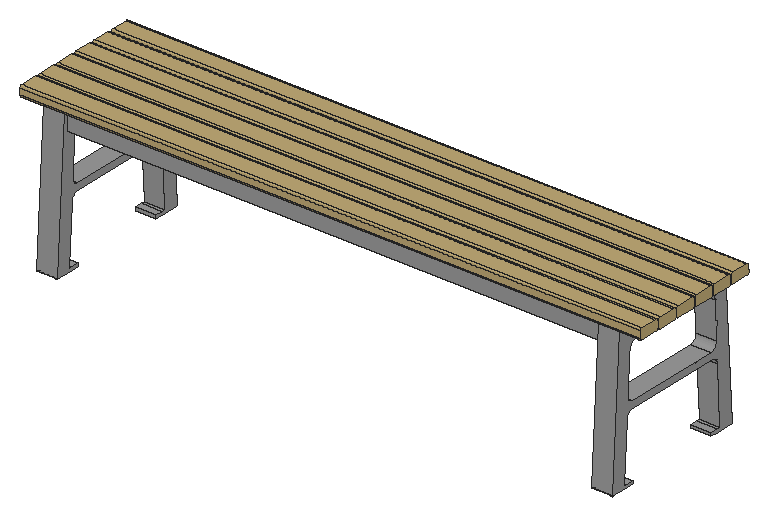
Revit family "L-FUR_벤치_YB-229_예건", category 일반 모델, Revit 2021
Family settings
  보강 철근 호스트 가능 = 아니오
  원형 커넥터 치수 = 지름 사용
  부품 유형 = 보통
  작업 기준면 기반 = 아니오
  항상 수직 = 예
  로드될 때 보이드를 사용하여 절단 = 아니오
  공유 = 아니오
  룸 계산 점 = 아니오
Parameters
  한국산업규격KS = ""
  조달청표준공사코드-세부공종 = "22426757"
  기본 입면도 = 0 mm
  건설정보분류체계-부위분류 = "E943"
  LIM_INFO_주의사항 = "재배포, 재가공, 판매 금지"
  LIM_INFO_제품업체 = "예건"
  LIM_INFO_제품번호 = "YF-16"
  LIM_INFO_제품명 = "펜스_YF-16"
  LIM_INFO_제작일 = "20230315"
  LIM_INFO_재료 = "Hardwood, STL-pipe, STL-plate"
  LIM_INFO_업체정보 = ""
  LIM_INFO_업체URL = "https://yekun.com/"
  LIM_INFO_업체TEL = "(+82)31-943-6114"
  LIM_INFO_업체EMAIL = "yekun@yekun.com"
  LIM_INFO_버전 = "2023_V01"
  LIM_INFO_기타정보 = ""
  LIM_INFO_규격 = "W2000 x H1800"
  LIM_INFO_가격 = 0
  LIM_INFO_PV_포장재여부 = yes
  LIM_INFO_PV_면적 = 0.00 m²
  KBIMS_식별-버전 = ""
  KBIMS_식별-bSK등록번호 = ""
  KBIMS_보급정보-저작자 = "림인포테크_MMJ"
  KBIMS_보급정보-보급코드 = ""
Reference planes
  plane 1 "중심(앞/뒤)": y = 0
  plane 2: z = 0
  plane 3 "중심(왼쪽/오른쪽)": x = 0
Dimensions and locks
  aligned and locked: level to plane 2
Nested families
  nested 1: "YB-229_base" at (0, 0, 0), type "YB-229_base"
Definition of nested family "YB-229_base"
  Parameters (values of type "YB-229_base")
    Default Elevation = 0 mm
  Reference planes
    plane 1 "중심(앞/뒤)": y = 0
    plane 2: z = 0
    plane 3 "중심(왼쪽/오른쪽)": x = 0
  Forms (mm)
    Sweep 1, solid, not visible, detail levels fine
      path origin (0, 0, 0) x (1, 0, 0) y (0, 1, 0)
        loop
          circle (-1867.879, -167.062) r 568.25
      profile origin (-1867.879, 401.188, 0) x (0, -1, 0) y (0, 0, 1)
        loop
          circle (0, 0) r 28.75
        loop
          circle (0, 0) r 30.25
    Sweep 2, solid, not visible, detail levels coarse+medium
      path origin (0, 0, 0) x (1, 0, 0) y (0, 1, 0)
        loop
          circle (-1867.879, -167.062) r 568.25
      profile origin (-1867.879, 401.188, 0) x (0, -1, 0) y (0, 0, 1)
        loop
          line (26.465, -11.234) -> (26.657, 10.77) -> (11.234, 26.465) -> (-10.77, 26.657) -> (-26.465, 11.234) -> (-26.657, -10.77) -> (-11.234, -26.465) -> (10.77, -26.657) -> (26.465, -11.234)
        loop
          line (28.047, 11.332) -> (11.82, 27.845) -> (-11.332, 28.047) -> (-27.845, 11.82) -> (-28.047, -11.332) -> (-11.82, -27.845) -> (11.332, -28.047) -> (27.845, -11.82) -> (28.047, 11.332)
    Sweep 3, solid, not visible, detail levels fine
      path origin (0, 0, -1310.25) x (1, 0, 0) y (0, 1, 0)
        loop
          circle (-1867.879, -167.062) r 568.25
      profile origin (-1867.879, 401.188, -1310.25) x (0, -1, 0) y (0, 0, 1)
        loop
          circle (0, 1310.25) r 28.75
        loop
          circle (0, 1310.25) r 30.25
    Sweep 4, solid, not visible, detail levels coarse+medium
      path origin (0, 0, -1310.25) x (1, 0, 0) y (0, 1, 0)
        loop
          circle (-1867.879, -167.062) r 568.25
      profile origin (-1867.879, 401.188, -1310.25) x (0, -1, 0) y (0, 0, 1)
        loop
          line (26.465, 1299.016) -> (26.657, 1321.02) -> (11.234, 1336.715) -> (-10.77, 1336.907) -> (-26.465, 1321.484) -> (-26.657, 1299.48) -> (-11.234, 1283.785) -> (10.77, 1283.593) -> (26.465, 1299.016)
        loop
          line (28.047, 1321.582) -> (11.82, 1338.095) -> (-11.332, 1338.297) -> (-27.845, 1322.07) -> (-28.047, 1298.918) -> (-11.82, 1282.405) -> (11.332, 1282.203) -> (27.845, 1298.43) -> (28.047, 1321.582)
    Extrusion 5, solid, not visible
      sketch origin (0, 0, 0) x (1, 0, 0) y (0, 1, 0)
        loop
          line (-1678.243, -2480.024) -> (-1613.986, -2453.408)
          arc (-1613.986, -2453.408) -> (-1612.495, -2452.007) -> (-1612.304, -2449.969) r 2.893
          line (-1612.304, -2449.969) -> (-1622.315, -2413.562) -> (-1700.528, -2445.959) -> (-1681.864, -2478.781)
          arc (-1681.864, -2478.781) -> (-1680.288, -2480.087) -> (-1678.243, -2480.024) r 2.893
        loop
          line (-1517.968, -2394.568) -> (-1465.081, -2349.398)
          arc (-1465.081, -2349.398) -> (-1464.096, -2347.605) -> (-1464.544, -2345.608) r 2.893
          line (-1464.544, -2345.608) -> (-1485.315, -2314.077) -> (-1549.689, -2369.057) -> (-1521.796, -2394.505)
          arc (-1521.796, -2394.505) -> (-1519.893, -2395.26) -> (-1517.968, -2394.568) r 2.893
        loop
          line (-1391.945, -2263.766) -> (-1355.605, -2204.465)
          arc (-1355.605, -2204.465) -> (-1355.222, -2202.454) -> (-1356.265, -2200.694) r 2.893
          line (-1356.265, -2200.694) -> (-1385.763, -2177.125) -> (-1429.997, -2249.307) -> (-1395.605, -2264.89)
          arc (-1395.605, -2264.89) -> (-1393.562, -2265.02) -> (-1391.945, -2263.766) r 2.893
        loop
          line (-1312.509, -2100.424) -> (-1296.273, -2032.795)
          arc (-1296.273, -2032.795) -> (-1296.53, -2030.765) -> (-1298.067, -2029.413) r 2.893
          line (-1298.067, -2029.413) -> (-1333.404, -2016.112) -> (-1353.167, -2098.431) -> (-1315.643, -2102.623)
          arc (-1315.643, -2102.623) -> (-1313.66, -2102.116) -> (-1312.509, -2100.424) r 2.893
        loop
          line (-1287.437, -1920.529) -> (-1292.894, -1851.193)
          arc (-1292.894, -1851.193) -> (-1293.766, -1849.341) -> (-1295.645, -1848.53) r 2.893
          line (-1295.645, -1848.53) -> (-1333.364, -1846.801) -> (-1326.722, -1931.197) -> (-1289.738, -1923.589)
          arc (-1289.738, -1923.589) -> (-1288.009, -1922.494) -> (-1287.437, -1920.529) r 2.893
        loop
          line (-1319.183, -1741.691) -> (-1345.799, -1677.435)
          arc (-1345.799, -1677.435) -> (-1347.201, -1675.943) -> (-1349.238, -1675.753) r 2.893
          line (-1349.238, -1675.753) -> (-1385.645, -1685.763) -> (-1353.248, -1763.977) -> (-1320.426, -1745.312)
          arc (-1320.426, -1745.312) -> (-1319.12, -1743.736) -> (-1319.183, -1741.691) r 2.893
        loop
          line (-1404.64, -1581.416) -> (-1449.809, -1528.529)
          arc (-1449.809, -1528.529) -> (-1451.603, -1527.544) -> (-1453.6, -1527.992) r 2.893
          line (-1453.6, -1527.992) -> (-1485.131, -1548.764) -> (-1430.15, -1613.138) -> (-1404.702, -1585.244)
          arc (-1404.702, -1585.244) -> (-1403.947, -1583.342) -> (-1404.64, -1581.416) r 2.893
        loop
          line (-1535.441, -1455.393) -> (-1594.742, -1419.053)
          arc (-1594.742, -1419.053) -> (-1596.753, -1418.67) -> (-1598.513, -1419.714) r 2.893
          line (-1598.513, -1419.714) -> (-1622.083, -1449.212) -> (-1549.9, -1493.445) -> (-1534.317, -1459.053)
          arc (-1534.317, -1459.053) -> (-1534.187, -1457.01) -> (-1535.441, -1455.393) r 2.893
        loop
          line (-1698.784, -1375.958) -> (-1766.412, -1359.721)
          arc (-1766.412, -1359.721) -> (-1768.443, -1359.978) -> (-1769.795, -1361.515) r 2.893
          line (-1769.795, -1361.515) -> (-1783.095, -1396.853) -> (-1700.777, -1416.616) -> (-1696.584, -1379.091)
          arc (-1696.584, -1379.091) -> (-1697.091, -1377.108) -> (-1698.784, -1375.958) r 2.893
        loop
          line (-1878.679, -1350.886) -> (-1948.015, -1356.343)
          arc (-1948.015, -1356.343) -> (-1949.866, -1357.215) -> (-1950.677, -1359.094) r 2.893
          line (-1950.677, -1359.094) -> (-1952.406, -1396.812) -> (-1868.01, -1390.17) -> (-1875.618, -1353.187)
          arc (-1875.618, -1353.187) -> (-1876.713, -1351.457) -> (-1878.679, -1350.886) r 2.893
        loop
          line (-2057.516, -1382.632) -> (-2121.773, -1409.247)
          arc (-2121.773, -1409.247) -> (-2123.264, -1410.649) -> (-2123.455, -1412.687) r 2.893
          line (-2123.455, -1412.687) -> (-2113.444, -1449.093) -> (-2035.231, -1416.696) -> (-2053.895, -1383.874)
          arc (-2053.895, -1383.874) -> (-2055.471, -1382.568) -> (-2057.516, -1382.632) r 2.893
        loop
          line (-2217.791, -1468.088) -> (-2270.678, -1513.257)
          arc (-2270.678, -1513.257) -> (-2271.663, -1515.051) -> (-2271.215, -1517.048) r 2.893
          line (-2271.215, -1517.048) -> (-2250.444, -1548.579) -> (-2186.07, -1493.598) -> (-2213.963, -1468.15)
          arc (-2213.963, -1468.15) -> (-2215.865, -1467.395) -> (-2217.791, -1468.088) r 2.893
        loop
          line (-2343.814, -1598.889) -> (-2380.154, -1658.191)
          arc (-2380.154, -1658.191) -> (-2380.537, -1660.201) -> (-2379.494, -1661.962) r 2.893
          line (-2379.494, -1661.962) -> (-2349.996, -1685.531) -> (-2305.762, -1613.349) -> (-2340.154, -1597.766)
          arc (-2340.154, -1597.766) -> (-2342.197, -1597.635) -> (-2343.814, -1598.889) r 2.893
        loop
          line (-2437.692, -1833.243) -> (-2402.355, -1846.543) -> (-2382.592, -1764.225) -> (-2420.116, -1760.032)
          arc (-2420.116, -1760.032) -> (-2422.099, -1760.539) -> (-2423.25, -1762.232) r 2.893
          line (-2423.25, -1762.232) -> (-2439.486, -1829.861)
          arc (-2439.486, -1829.861) -> (-2439.229, -1831.891) -> (-2437.692, -1833.243) r 2.893
        loop
          line (-2440.113, -2014.125) -> (-2402.395, -2015.855) -> (-2409.037, -1931.458) -> (-2446.021, -1939.067)
          arc (-2446.021, -1939.067) -> (-2447.75, -1940.162) -> (-2448.322, -1942.127) r 2.893
          line (-2448.322, -1942.127) -> (-2442.865, -2011.463)
          arc (-2442.865, -2011.463) -> (-2441.993, -2013.314) -> (-2440.113, -2014.125) r 2.893
        loop
          line (-2386.521, -2186.903) -> (-2350.114, -2176.892) -> (-2382.511, -2098.679) -> (-2415.333, -2117.343)
          arc (-2415.333, -2117.343) -> (-2416.639, -2118.919) -> (-2416.576, -2120.965) r 2.893
          line (-2416.576, -2120.965) -> (-2389.96, -2185.221)
          arc (-2389.96, -2185.221) -> (-2388.558, -2186.712) -> (-2386.521, -2186.903) r 2.893
        loop
          line (-2282.159, -2334.663) -> (-2250.628, -2313.892) -> (-2305.609, -2249.518) -> (-2331.057, -2277.412)
          arc (-2331.057, -2277.412) -> (-2331.812, -2279.314) -> (-2331.119, -2281.24) r 2.893
          line (-2331.119, -2281.24) -> (-2285.95, -2334.126)
          arc (-2285.95, -2334.126) -> (-2284.156, -2335.112) -> (-2282.159, -2334.663) r 2.893
        loop
          line (-2137.246, -2442.942) -> (-2113.676, -2413.444) -> (-2185.859, -2369.21) -> (-2201.441, -2403.603)
          arc (-2201.441, -2403.603) -> (-2201.572, -2405.645) -> (-2200.318, -2407.263) r 2.893
          line (-2200.318, -2407.263) -> (-2141.017, -2443.603)
          arc (-2141.017, -2443.603) -> (-2139.006, -2443.986) -> (-2137.246, -2442.942) r 2.893
        loop
          line (-1965.964, -2501.141) -> (-1952.664, -2465.803) -> (-2034.982, -2446.04) -> (-2039.175, -2483.564)
          arc (-2039.175, -2483.564) -> (-2038.668, -2485.547) -> (-2036.975, -2486.698) r 2.893
          line (-2036.975, -2486.698) -> (-1969.347, -2502.934)
          arc (-1969.347, -2502.934) -> (-1967.316, -2502.677) -> (-1965.964, -2501.141) r 2.893
        loop
          line (-1785.082, -2503.562) -> (-1783.353, -2465.844) -> (-1867.749, -2472.486) -> (-1860.141, -2509.469)
          arc (-1860.141, -2509.469) -> (-1859.046, -2511.198) -> (-1857.08, -2511.77) r 2.893
          line (-1857.08, -2511.77) -> (-1787.744, -2506.313)
          arc (-1787.744, -2506.313) -> (-1785.893, -2505.441) -> (-1785.082, -2503.562) r 2.893
      from 0 to 680
    Extrusion 6, solid, not visible
      sketch origin (-326.184, 269.167, 0) x (0.987613, 0.156911, 0) y (-0.156911, 0.987613, 0)
        loop
          line (-1678.243, -2480.024) -> (-1613.986, -2453.408)
          arc (-1613.986, -2453.408) -> (-1612.495, -2452.007) -> (-1612.304, -2449.969) r 2.893
          line (-1612.304, -2449.969) -> (-1622.315, -2413.562) -> (-1700.528, -2445.959) -> (-1681.864, -2478.781)
          arc (-1681.864, -2478.781) -> (-1680.288, -2480.087) -> (-1678.243, -2480.024) r 2.893
        loop
          line (-1517.968, -2394.568) -> (-1465.081, -2349.398)
          arc (-1465.081, -2349.398) -> (-1464.096, -2347.605) -> (-1464.544, -2345.608) r 2.893
          line (-1464.544, -2345.608) -> (-1485.315, -2314.077) -> (-1549.689, -2369.057) -> (-1521.796, -2394.505)
          arc (-1521.796, -2394.505) -> (-1519.893, -2395.26) -> (-1517.968, -2394.568) r 2.893
        loop
          line (-1391.945, -2263.766) -> (-1355.605, -2204.465)
          arc (-1355.605, -2204.465) -> (-1355.222, -2202.454) -> (-1356.265, -2200.694) r 2.893
          line (-1356.265, -2200.694) -> (-1385.763, -2177.125) -> (-1429.997, -2249.307) -> (-1395.605, -2264.89)
          arc (-1395.605, -2264.89) -> (-1393.562, -2265.02) -> (-1391.945, -2263.766) r 2.893
        loop
          line (-1312.509, -2100.424) -> (-1296.273, -2032.795)
          arc (-1296.273, -2032.795) -> (-1296.53, -2030.765) -> (-1298.067, -2029.413) r 2.893
          line (-1298.067, -2029.413) -> (-1333.404, -2016.112) -> (-1353.167, -2098.431) -> (-1315.643, -2102.623)
          arc (-1315.643, -2102.623) -> (-1313.66, -2102.116) -> (-1312.509, -2100.424) r 2.893
        loop
          line (-1287.437, -1920.529) -> (-1292.894, -1851.193)
          arc (-1292.894, -1851.193) -> (-1293.766, -1849.341) -> (-1295.645, -1848.53) r 2.893
          line (-1295.645, -1848.53) -> (-1333.364, -1846.801) -> (-1326.722, -1931.197) -> (-1289.738, -1923.589)
          arc (-1289.738, -1923.589) -> (-1288.009, -1922.494) -> (-1287.437, -1920.529) r 2.893
        loop
          line (-1319.183, -1741.691) -> (-1345.799, -1677.435)
          arc (-1345.799, -1677.435) -> (-1347.201, -1675.943) -> (-1349.238, -1675.753) r 2.893
          line (-1349.238, -1675.753) -> (-1385.645, -1685.763) -> (-1353.248, -1763.977) -> (-1320.426, -1745.312)
          arc (-1320.426, -1745.312) -> (-1319.12, -1743.736) -> (-1319.183, -1741.691) r 2.893
        loop
          line (-1404.64, -1581.416) -> (-1449.809, -1528.529)
          arc (-1449.809, -1528.529) -> (-1451.603, -1527.544) -> (-1453.6, -1527.992) r 2.893
          line (-1453.6, -1527.992) -> (-1485.131, -1548.764) -> (-1430.15, -1613.138) -> (-1404.702, -1585.244)
          arc (-1404.702, -1585.244) -> (-1403.947, -1583.342) -> (-1404.64, -1581.416) r 2.893
        loop
          line (-1535.441, -1455.393) -> (-1594.742, -1419.053)
          arc (-1594.742, -1419.053) -> (-1596.753, -1418.67) -> (-1598.513, -1419.714) r 2.893
          line (-1598.513, -1419.714) -> (-1622.083, -1449.212) -> (-1549.9, -1493.445) -> (-1534.317, -1459.053)
          arc (-1534.317, -1459.053) -> (-1534.187, -1457.01) -> (-1535.441, -1455.393) r 2.893
        loop
          line (-1698.784, -1375.958) -> (-1766.412, -1359.721)
          arc (-1766.412, -1359.721) -> (-1768.443, -1359.978) -> (-1769.795, -1361.515) r 2.893
          line (-1769.795, -1361.515) -> (-1783.095, -1396.853) -> (-1700.777, -1416.616) -> (-1696.584, -1379.091)
          arc (-1696.584, -1379.091) -> (-1697.091, -1377.108) -> (-1698.784, -1375.958) r 2.893
        loop
          line (-1878.679, -1350.886) -> (-1948.015, -1356.343)
          arc (-1948.015, -1356.343) -> (-1949.866, -1357.215) -> (-1950.677, -1359.094) r 2.893
          line (-1950.677, -1359.094) -> (-1952.406, -1396.812) -> (-1868.01, -1390.17) -> (-1875.618, -1353.187)
          arc (-1875.618, -1353.187) -> (-1876.713, -1351.457) -> (-1878.679, -1350.886) r 2.893
        loop
          line (-2057.516, -1382.632) -> (-2121.773, -1409.247)
          arc (-2121.773, -1409.247) -> (-2123.264, -1410.649) -> (-2123.455, -1412.687) r 2.893
          line (-2123.455, -1412.687) -> (-2113.444, -1449.093) -> (-2035.231, -1416.696) -> (-2053.895, -1383.874)
          arc (-2053.895, -1383.874) -> (-2055.471, -1382.568) -> (-2057.516, -1382.632) r 2.893
        loop
          line (-2217.791, -1468.088) -> (-2270.678, -1513.257)
          arc (-2270.678, -1513.257) -> (-2271.663, -1515.051) -> (-2271.215, -1517.048) r 2.893
          line (-2271.215, -1517.048) -> (-2250.444, -1548.579) -> (-2186.07, -1493.598) -> (-2213.963, -1468.15)
          arc (-2213.963, -1468.15) -> (-2215.865, -1467.395) -> (-2217.791, -1468.088) r 2.893
        loop
          line (-2343.814, -1598.889) -> (-2380.154, -1658.191)
          arc (-2380.154, -1658.191) -> (-2380.537, -1660.201) -> (-2379.494, -1661.962) r 2.893
          line (-2379.494, -1661.962) -> (-2349.996, -1685.531) -> (-2305.762, -1613.349) -> (-2340.154, -1597.766)
          arc (-2340.154, -1597.766) -> (-2342.197, -1597.635) -> (-2343.814, -1598.889) r 2.893
        loop
          line (-2437.692, -1833.243) -> (-2402.355, -1846.543) -> (-2382.592, -1764.225) -> (-2420.116, -1760.032)
          arc (-2420.116, -1760.032) -> (-2422.099, -1760.539) -> (-2423.25, -1762.232) r 2.893
          line (-2423.25, -1762.232) -> (-2439.486, -1829.861)
          arc (-2439.486, -1829.861) -> (-2439.229, -1831.891) -> (-2437.692, -1833.243) r 2.893
        loop
          line (-2440.113, -2014.125) -> (-2402.395, -2015.855) -> (-2409.037, -1931.458) -> (-2446.021, -1939.067)
          arc (-2446.021, -1939.067) -> (-2447.75, -1940.162) -> (-2448.322, -1942.127) r 2.893
          line (-2448.322, -1942.127) -> (-2442.865, -2011.463)
          arc (-2442.865, -2011.463) -> (-2441.993, -2013.314) -> (-2440.113, -2014.125) r 2.893
        loop
          line (-2386.521, -2186.903) -> (-2350.114, -2176.892) -> (-2382.511, -2098.679) -> (-2415.333, -2117.343)
          arc (-2415.333, -2117.343) -> (-2416.639, -2118.919) -> (-2416.576, -2120.965) r 2.893
          line (-2416.576, -2120.965) -> (-2389.96, -2185.221)
          arc (-2389.96, -2185.221) -> (-2388.558, -2186.712) -> (-2386.521, -2186.903) r 2.893
        loop
          line (-2282.159, -2334.663) -> (-2250.628, -2313.892) -> (-2305.609, -2249.518) -> (-2331.057, -2277.412)
          arc (-2331.057, -2277.412) -> (-2331.812, -2279.314) -> (-2331.119, -2281.24) r 2.893
          line (-2331.119, -2281.24) -> (-2285.95, -2334.126)
          arc (-2285.95, -2334.126) -> (-2284.156, -2335.112) -> (-2282.159, -2334.663) r 2.893
        loop
          line (-2137.246, -2442.942) -> (-2113.676, -2413.444) -> (-2185.859, -2369.21) -> (-2201.441, -2403.603)
          arc (-2201.441, -2403.603) -> (-2201.572, -2405.645) -> (-2200.318, -2407.263) r 2.893
          line (-2200.318, -2407.263) -> (-2141.017, -2443.603)
          arc (-2141.017, -2443.603) -> (-2139.006, -2443.986) -> (-2137.246, -2442.942) r 2.893
        loop
          line (-1965.964, -2501.141) -> (-1952.664, -2465.803) -> (-2034.982, -2446.04) -> (-2039.175, -2483.564)
          arc (-2039.175, -2483.564) -> (-2038.668, -2485.547) -> (-2036.975, -2486.698) r 2.893
          line (-2036.975, -2486.698) -> (-1969.347, -2502.934)
          arc (-1969.347, -2502.934) -> (-1967.316, -2502.677) -> (-1965.964, -2501.141) r 2.893
        loop
          line (-1785.082, -2503.562) -> (-1783.353, -2465.844) -> (-1867.749, -2472.486) -> (-1860.141, -2509.469)
          arc (-1860.141, -2509.469) -> (-1859.046, -2511.198) -> (-1857.08, -2511.77) r 2.893
          line (-1857.08, -2511.77) -> (-1787.744, -2506.313)
          arc (-1787.744, -2506.313) -> (-1785.893, -2505.441) -> (-1785.082, -2503.562) r 2.893
      from 0 to 680
    Extrusion 7, solid, not visible
      sketch origin (0, 0, 0) x (1, 0, 0) y (0, 1, 0)
        loop
          circle (-1867.879, -1931.328) r 537.5
        loop
          circle (-1867.879, -1931.328) r 539.5
      from 0 to 794.31
    Sweep 8, solid, not visible, detail levels fine
      path origin (0, -1764.266, -542.405) x (1, 0, 0) y (0, 1, 0)
        loop
          circle (-1867.879, -167.062) r 568.25
      profile origin (-1867.879, -1363.078, -542.405) x (0, -1, 0) y (0, 0, 1)
        loop
          circle (0, 1310.25) r 28.75
        loop
          circle (0, 1310.25) r 30.25
    Sweep 9, solid, not visible, detail levels coarse+medium
      path origin (0, -1764.266, -542.405) x (1, 0, 0) y (0, 1, 0)
        loop
          circle (-1867.879, -167.062) r 568.25
      profile origin (-1867.879, -1363.078, -542.405) x (0, -1, 0) y (0, 0, 1)
        loop
          line (26.465, 1299.016) -> (26.657, 1321.02) -> (11.234, 1336.715) -> (-10.77, 1336.907) -> (-26.465, 1321.484) -> (-26.657, 1299.48) -> (-11.234, 1283.785) -> (10.77, 1283.593) -> (26.465, 1299.016)
        loop
          line (28.047, 1321.582) -> (11.82, 1338.095) -> (-11.332, 1338.297) -> (-27.845, 1322.07) -> (-28.047, 1298.918) -> (-11.82, 1282.405) -> (11.332, 1282.203) -> (27.845, 1298.43) -> (28.047, 1321.582)
    Sweep 10, solid, not visible, detail levels fine
      path origin (0, -1764.266, -1278.297) x (1, 0, 0) y (0, 1, 0)
        loop
          circle (-1867.879, -167.062) r 568.25
      profile origin (-1867.879, -1363.078, -1278.297) x (0, -1, 0) y (0, 0, 1)
        loop
          circle (0, 1310.25) r 28.75
        loop
          circle (0, 1310.25) r 30.25
    Sweep 11, solid, not visible, detail levels coarse+medium
      path origin (0, -1764.266, -1278.297) x (1, 0, 0) y (0, 1, 0)
        loop
          circle (-1867.879, -167.062) r 568.25
      profile origin (-1867.879, -1363.078, -1278.297) x (0, -1, 0) y (0, 0, 1)
        loop
          line (26.465, 1299.016) -> (26.657, 1321.02) -> (11.234, 1336.715) -> (-10.77, 1336.907) -> (-26.465, 1321.484) -> (-26.657, 1299.48) -> (-11.234, 1283.785) -> (10.77, 1283.593) -> (26.465, 1299.016)
        loop
          line (28.047, 1321.582) -> (11.82, 1338.095) -> (-11.332, 1338.297) -> (-27.845, 1322.07) -> (-28.047, 1298.918) -> (-11.82, 1282.405) -> (11.332, 1282.203) -> (27.845, 1298.43) -> (28.047, 1321.582)
    Extrusion 12, solid, not visible
      sketch origin (0, 0, 60) x (1, 0, 0) y (0, 1, 0)
        loop
          line (-1678.243, -2480.024) -> (-1613.986, -2453.408)
          arc (-1613.986, -2453.408) -> (-1612.495, -2452.007) -> (-1612.304, -2449.969) r 2.893
          line (-1612.304, -2449.969) -> (-1622.315, -2413.562) -> (-1700.528, -2445.959) -> (-1681.864, -2478.781)
          arc (-1681.864, -2478.781) -> (-1680.288, -2480.087) -> (-1678.243, -2480.024) r 2.893
        loop
          line (-1517.968, -2394.568) -> (-1465.081, -2349.398)
          arc (-1465.081, -2349.398) -> (-1464.096, -2347.605) -> (-1464.544, -2345.608) r 2.893
          line (-1464.544, -2345.608) -> (-1485.315, -2314.077) -> (-1549.689, -2369.057) -> (-1521.796, -2394.505)
          arc (-1521.796, -2394.505) -> (-1519.893, -2395.26) -> (-1517.968, -2394.568) r 2.893
        loop
          line (-1391.945, -2263.766) -> (-1355.605, -2204.465)
          arc (-1355.605, -2204.465) -> (-1355.222, -2202.454) -> (-1356.265, -2200.694) r 2.893
          line (-1356.265, -2200.694) -> (-1385.763, -2177.125) -> (-1429.997, -2249.307) -> (-1395.605, -2264.89)
          arc (-1395.605, -2264.89) -> (-1393.562, -2265.02) -> (-1391.945, -2263.766) r 2.893
        loop
          line (-1312.509, -2100.424) -> (-1296.273, -2032.795)
          arc (-1296.273, -2032.795) -> (-1296.53, -2030.765) -> (-1298.067, -2029.413) r 2.893
          line (-1298.067, -2029.413) -> (-1333.404, -2016.112) -> (-1353.167, -2098.431) -> (-1315.643, -2102.623)
          arc (-1315.643, -2102.623) -> (-1313.66, -2102.116) -> (-1312.509, -2100.424) r 2.893
        loop
          line (-1287.437, -1920.529) -> (-1292.894, -1851.193)
          arc (-1292.894, -1851.193) -> (-1293.766, -1849.341) -> (-1295.645, -1848.53) r 2.893
          line (-1295.645, -1848.53) -> (-1333.364, -1846.801) -> (-1326.722, -1931.197) -> (-1289.738, -1923.589)
          arc (-1289.738, -1923.589) -> (-1288.009, -1922.494) -> (-1287.437, -1920.529) r 2.893
        loop
          line (-1319.183, -1741.691) -> (-1345.799, -1677.435)
          arc (-1345.799, -1677.435) -> (-1347.201, -1675.943) -> (-1349.238, -1675.753) r 2.893
          line (-1349.238, -1675.753) -> (-1385.645, -1685.763) -> (-1353.248, -1763.977) -> (-1320.426, -1745.312)
          arc (-1320.426, -1745.312) -> (-1319.12, -1743.736) -> (-1319.183, -1741.691) r 2.893
        loop
          line (-1404.64, -1581.416) -> (-1449.809, -1528.529)
          arc (-1449.809, -1528.529) -> (-1451.603, -1527.544) -> (-1453.6, -1527.992) r 2.893
          line (-1453.6, -1527.992) -> (-1485.131, -1548.764) -> (-1430.15, -1613.138) -> (-1404.702, -1585.244)
          arc (-1404.702, -1585.244) -> (-1403.947, -1583.342) -> (-1404.64, -1581.416) r 2.893
        loop
          line (-1535.441, -1455.393) -> (-1594.742, -1419.053)
          arc (-1594.742, -1419.053) -> (-1596.753, -1418.67) -> (-1598.513, -1419.714) r 2.893
          line (-1598.513, -1419.714) -> (-1622.083, -1449.212) -> (-1549.9, -1493.445) -> (-1534.317, -1459.053)
          arc (-1534.317, -1459.053) -> (-1534.187, -1457.01) -> (-1535.441, -1455.393) r 2.893
        loop
          line (-1698.784, -1375.958) -> (-1766.412, -1359.721)
          arc (-1766.412, -1359.721) -> (-1768.443, -1359.978) -> (-1769.795, -1361.515) r 2.893
          line (-1769.795, -1361.515) -> (-1783.095, -1396.853) -> (-1700.777, -1416.616) -> (-1696.584, -1379.091)
          arc (-1696.584, -1379.091) -> (-1697.091, -1377.108) -> (-1698.784, -1375.958) r 2.893
        loop
          line (-1878.679, -1350.886) -> (-1948.015, -1356.343)
          arc (-1948.015, -1356.343) -> (-1949.866, -1357.215) -> (-1950.677, -1359.094) r 2.893
          line (-1950.677, -1359.094) -> (-1952.406, -1396.812) -> (-1868.01, -1390.17) -> (-1875.618, -1353.187)
          arc (-1875.618, -1353.187) -> (-1876.713, -1351.457) -> (-1878.679, -1350.886) r 2.893
        loop
          line (-2057.516, -1382.632) -> (-2121.773, -1409.247)
          arc (-2121.773, -1409.247) -> (-2123.264, -1410.649) -> (-2123.455, -1412.687) r 2.893
          line (-2123.455, -1412.687) -> (-2113.444, -1449.093) -> (-2035.231, -1416.696) -> (-2053.895, -1383.874)
          arc (-2053.895, -1383.874) -> (-2055.471, -1382.568) -> (-2057.516, -1382.632) r 2.893
        loop
          line (-2217.791, -1468.088) -> (-2270.678, -1513.257)
          arc (-2270.678, -1513.257) -> (-2271.663, -1515.051) -> (-2271.215, -1517.048) r 2.893
          line (-2271.215, -1517.048) -> (-2250.444, -1548.579) -> (-2186.07, -1493.598) -> (-2213.963, -1468.15)
          arc (-2213.963, -1468.15) -> (-2215.865, -1467.395) -> (-2217.791, -1468.088) r 2.893
        loop
          line (-2343.814, -1598.889) -> (-2380.154, -1658.191)
          arc (-2380.154, -1658.191) -> (-2380.537, -1660.201) -> (-2379.494, -1661.962) r 2.893
          line (-2379.494, -1661.962) -> (-2349.996, -1685.531) -> (-2305.762, -1613.349) -> (-2340.154, -1597.766)
          arc (-2340.154, -1597.766) -> (-2342.197, -1597.635) -> (-2343.814, -1598.889) r 2.893
        loop
          line (-2437.692, -1833.243) -> (-2402.355, -1846.543) -> (-2382.592, -1764.225) -> (-2420.116, -1760.032)
          arc (-2420.116, -1760.032) -> (-2422.099, -1760.539) -> (-2423.25, -1762.232) r 2.893
          line (-2423.25, -1762.232) -> (-2439.486, -1829.861)
          arc (-2439.486, -1829.861) -> (-2439.229, -1831.891) -> (-2437.692, -1833.243) r 2.893
        loop
          line (-2440.113, -2014.125) -> (-2402.395, -2015.855) -> (-2409.037, -1931.458) -> (-2446.021, -1939.067)
          arc (-2446.021, -1939.067) -> (-2447.75, -1940.162) -> (-2448.322, -1942.127) r 2.893
          line (-2448.322, -1942.127) -> (-2442.865, -2011.463)
          arc (-2442.865, -2011.463) -> (-2441.993, -2013.314) -> (-2440.113, -2014.125) r 2.893
        loop
          line (-2386.521, -2186.903) -> (-2350.114, -2176.892) -> (-2382.511, -2098.679) -> (-2415.333, -2117.343)
          arc (-2415.333, -2117.343) -> (-2416.639, -2118.919) -> (-2416.576, -2120.965) r 2.893
          line (-2416.576, -2120.965) -> (-2389.96, -2185.221)
          arc (-2389.96, -2185.221) -> (-2388.558, -2186.712) -> (-2386.521, -2186.903) r 2.893
        loop
          line (-2282.159, -2334.663) -> (-2250.628, -2313.892) -> (-2305.609, -2249.518) -> (-2331.057, -2277.412)
          arc (-2331.057, -2277.412) -> (-2331.812, -2279.314) -> (-2331.119, -2281.24) r 2.893
          line (-2331.119, -2281.24) -> (-2285.95, -2334.126)
          arc (-2285.95, -2334.126) -> (-2284.156, -2335.112) -> (-2282.159, -2334.663) r 2.893
        loop
          line (-2137.246, -2442.942) -> (-2113.676, -2413.444) -> (-2185.859, -2369.21) -> (-2201.441, -2403.603)
          arc (-2201.441, -2403.603) -> (-2201.572, -2405.645) -> (-2200.318, -2407.263) r 2.893
          line (-2200.318, -2407.263) -> (-2141.017, -2443.603)
          arc (-2141.017, -2443.603) -> (-2139.006, -2443.986) -> (-2137.246, -2442.942) r 2.893
        loop
          line (-1965.964, -2501.141) -> (-1952.664, -2465.803) -> (-2034.982, -2446.04) -> (-2039.175, -2483.564)
          arc (-2039.175, -2483.564) -> (-2038.668, -2485.547) -> (-2036.975, -2486.698) r 2.893
          line (-2036.975, -2486.698) -> (-1969.347, -2502.934)
          arc (-1969.347, -2502.934) -> (-1967.316, -2502.677) -> (-1965.964, -2501.141) r 2.893
        loop
          line (-1785.082, -2503.562) -> (-1783.353, -2465.844) -> (-1867.749, -2472.486) -> (-1860.141, -2509.469)
          arc (-1860.141, -2509.469) -> (-1859.046, -2511.198) -> (-1857.08, -2511.77) r 2.893
          line (-1857.08, -2511.77) -> (-1787.744, -2506.313)
          arc (-1787.744, -2506.313) -> (-1785.893, -2505.441) -> (-1785.082, -2503.562) r 2.893
      from 0 to 680
    Extrusion 13, solid, not visible
      sketch origin (-326.184, 269.167, 60) x (0.987613, 0.156911, 0) y (-0.156911, 0.987613, 0)
        loop
          line (-1678.243, -2480.024) -> (-1613.986, -2453.408)
          arc (-1613.986, -2453.408) -> (-1612.495, -2452.007) -> (-1612.304, -2449.969) r 2.893
          line (-1612.304, -2449.969) -> (-1622.315, -2413.562) -> (-1700.528, -2445.959) -> (-1681.864, -2478.781)
          arc (-1681.864, -2478.781) -> (-1680.288, -2480.087) -> (-1678.243, -2480.024) r 2.893
        loop
          line (-1517.968, -2394.568) -> (-1465.081, -2349.398)
          arc (-1465.081, -2349.398) -> (-1464.096, -2347.605) -> (-1464.544, -2345.608) r 2.893
          line (-1464.544, -2345.608) -> (-1485.315, -2314.077) -> (-1549.689, -2369.057) -> (-1521.796, -2394.505)
          arc (-1521.796, -2394.505) -> (-1519.893, -2395.26) -> (-1517.968, -2394.568) r 2.893
        loop
          line (-1391.945, -2263.766) -> (-1355.605, -2204.465)
          arc (-1355.605, -2204.465) -> (-1355.222, -2202.454) -> (-1356.265, -2200.694) r 2.893
          line (-1356.265, -2200.694) -> (-1385.763, -2177.125) -> (-1429.997, -2249.307) -> (-1395.605, -2264.89)
          arc (-1395.605, -2264.89) -> (-1393.562, -2265.02) -> (-1391.945, -2263.766) r 2.893
        loop
          line (-1312.509, -2100.424) -> (-1296.273, -2032.795)
          arc (-1296.273, -2032.795) -> (-1296.53, -2030.765) -> (-1298.067, -2029.413) r 2.893
          line (-1298.067, -2029.413) -> (-1333.404, -2016.112) -> (-1353.167, -2098.431) -> (-1315.643, -2102.623)
          arc (-1315.643, -2102.623) -> (-1313.66, -2102.116) -> (-1312.509, -2100.424) r 2.893
        loop
          line (-1287.437, -1920.529) -> (-1292.894, -1851.193)
          arc (-1292.894, -1851.193) -> (-1293.766, -1849.341) -> (-1295.645, -1848.53) r 2.893
          line (-1295.645, -1848.53) -> (-1333.364, -1846.801) -> (-1326.722, -1931.197) -> (-1289.738, -1923.589)
          arc (-1289.738, -1923.589) -> (-1288.009, -1922.494) -> (-1287.437, -1920.529) r 2.893
        loop
          line (-1319.183, -1741.691) -> (-1345.799, -1677.435)
          arc (-1345.799, -1677.435) -> (-1347.201, -1675.943) -> (-1349.238, -1675.753) r 2.893
          line (-1349.238, -1675.753) -> (-1385.645, -1685.763) -> (-1353.248, -1763.977) -> (-1320.426, -1745.312)
          arc (-1320.426, -1745.312) -> (-1319.12, -1743.736) -> (-1319.183, -1741.691) r 2.893
        loop
          line (-1404.64, -1581.416) -> (-1449.809, -1528.529)
          arc (-1449.809, -1528.529) -> (-1451.603, -1527.544) -> (-1453.6, -1527.992) r 2.893
          line (-1453.6, -1527.992) -> (-1485.131, -1548.764) -> (-1430.15, -1613.138) -> (-1404.702, -1585.244)
          arc (-1404.702, -1585.244) -> (-1403.947, -1583.342) -> (-1404.64, -1581.416) r 2.893
        loop
          line (-1535.441, -1455.393) -> (-1594.742, -1419.053)
          arc (-1594.742, -1419.053) -> (-1596.753, -1418.67) -> (-1598.513, -1419.714) r 2.893
          line (-1598.513, -1419.714) -> (-1622.083, -1449.212) -> (-1549.9, -1493.445) -> (-1534.317, -1459.053)
          arc (-1534.317, -1459.053) -> (-1534.187, -1457.01) -> (-1535.441, -1455.393) r 2.893
        loop
          line (-1698.784, -1375.958) -> (-1766.412, -1359.721)
          arc (-1766.412, -1359.721) -> (-1768.443, -1359.978) -> (-1769.795, -1361.515) r 2.893
          line (-1769.795, -1361.515) -> (-1783.095, -1396.853) -> (-1700.777, -1416.616) -> (-1696.584, -1379.091)
          arc (-1696.584, -1379.091) -> (-1697.091, -1377.108) -> (-1698.784, -1375.958) r 2.893
        loop
          line (-1878.679, -1350.886) -> (-1948.015, -1356.343)
          arc (-1948.015, -1356.343) -> (-1949.866, -1357.215) -> (-1950.677, -1359.094) r 2.893
          line (-1950.677, -1359.094) -> (-1952.406, -1396.812) -> (-1868.01, -1390.17) -> (-1875.618, -1353.187)
          arc (-1875.618, -1353.187) -> (-1876.713, -1351.457) -> (-1878.679, -1350.886) r 2.893
        loop
          line (-2057.516, -1382.632) -> (-2121.773, -1409.247)
          arc (-2121.773, -1409.247) -> (-2123.264, -1410.649) -> (-2123.455, -1412.687) r 2.893
          line (-2123.455, -1412.687) -> (-2113.444, -1449.093) -> (-2035.231, -1416.696) -> (-2053.895, -1383.874)
          arc (-2053.895, -1383.874) -> (-2055.471, -1382.568) -> (-2057.516, -1382.632) r 2.893
        loop
          line (-2217.791, -1468.088) -> (-2270.678, -1513.257)
          arc (-2270.678, -1513.257) -> (-2271.663, -1515.051) -> (-2271.215, -1517.048) r 2.893
          line (-2271.215, -1517.048) -> (-2250.444, -1548.579) -> (-2186.07, -1493.598) -> (-2213.963, -1468.15)
          arc (-2213.963, -1468.15) -> (-2215.865, -1467.395) -> (-2217.791, -1468.088) r 2.893
        loop
          line (-2343.814, -1598.889) -> (-2380.154, -1658.191)
          arc (-2380.154, -1658.191) -> (-2380.537, -1660.201) -> (-2379.494, -1661.962) r 2.893
          line (-2379.494, -1661.962) -> (-2349.996, -1685.531) -> (-2305.762, -1613.349) -> (-2340.154, -1597.766)
          arc (-2340.154, -1597.766) -> (-2342.197, -1597.635) -> (-2343.814, -1598.889) r 2.893
        loop
          line (-2437.692, -1833.243) -> (-2402.355, -1846.543) -> (-2382.592, -1764.225) -> (-2420.116, -1760.032)
          arc (-2420.116, -1760.032) -> (-2422.099, -1760.539) -> (-2423.25, -1762.232) r 2.893
          line (-2423.25, -1762.232) -> (-2439.486, -1829.861)
          arc (-2439.486, -1829.861) -> (-2439.229, -1831.891) -> (-2437.692, -1833.243) r 2.893
        loop
          line (-2440.113, -2014.125) -> (-2402.395, -2015.855) -> (-2409.037, -1931.458) -> (-2446.021, -1939.067)
          arc (-2446.021, -1939.067) -> (-2447.75, -1940.162) -> (-2448.322, -1942.127) r 2.893
          line (-2448.322, -1942.127) -> (-2442.865, -2011.463)
          arc (-2442.865, -2011.463) -> (-2441.993, -2013.314) -> (-2440.113, -2014.125) r 2.893
        loop
          line (-2386.521, -2186.903) -> (-2350.114, -2176.892) -> (-2382.511, -2098.679) -> (-2415.333, -2117.343)
          arc (-2415.333, -2117.343) -> (-2416.639, -2118.919) -> (-2416.576, -2120.965) r 2.893
          line (-2416.576, -2120.965) -> (-2389.96, -2185.221)
          arc (-2389.96, -2185.221) -> (-2388.558, -2186.712) -> (-2386.521, -2186.903) r 2.893
        loop
          line (-2282.159, -2334.663) -> (-2250.628, -2313.892) -> (-2305.609, -2249.518) -> (-2331.057, -2277.412)
          arc (-2331.057, -2277.412) -> (-2331.812, -2279.314) -> (-2331.119, -2281.24) r 2.893
          line (-2331.119, -2281.24) -> (-2285.95, -2334.126)
          arc (-2285.95, -2334.126) -> (-2284.156, -2335.112) -> (-2282.159, -2334.663) r 2.893
        loop
          line (-2137.246, -2442.942) -> (-2113.676, -2413.444) -> (-2185.859, -2369.21) -> (-2201.441, -2403.603)
          arc (-2201.441, -2403.603) -> (-2201.572, -2405.645) -> (-2200.318, -2407.263) r 2.893
          line (-2200.318, -2407.263) -> (-2141.017, -2443.603)
          arc (-2141.017, -2443.603) -> (-2139.006, -2443.986) -> (-2137.246, -2442.942) r 2.893
        loop
          line (-1965.964, -2501.141) -> (-1952.664, -2465.803) -> (-2034.982, -2446.04) -> (-2039.175, -2483.564)
          arc (-2039.175, -2483.564) -> (-2038.668, -2485.547) -> (-2036.975, -2486.698) r 2.893
          line (-2036.975, -2486.698) -> (-1969.347, -2502.934)
          arc (-1969.347, -2502.934) -> (-1967.316, -2502.677) -> (-1965.964, -2501.141) r 2.893
        loop
          line (-1785.082, -2503.562) -> (-1783.353, -2465.844) -> (-1867.749, -2472.486) -> (-1860.141, -2509.469)
          arc (-1860.141, -2509.469) -> (-1859.046, -2511.198) -> (-1857.08, -2511.77) r 2.893
          line (-1857.08, -2511.77) -> (-1787.744, -2506.313)
          arc (-1787.744, -2506.313) -> (-1785.893, -2505.441) -> (-1785.082, -2503.562) r 2.893
      from 0 to 680
    Extrusion 14, solid, not visible
      sketch origin (0, -1764.266, 4.107) x (1, 0, 0) y (0, 1, 0)
        loop
          arc (-2404.542, -137.062) -> (-2405.379, -167.062) -> (-2404.542, -197.062) r 537.5
          line (-2404.542, -197.062) -> (-1331.217, -197.062)
          arc (-1331.217, -197.062) -> (-1330.379, -167.062) -> (-1331.217, -137.062) r 537.5
          line (-1331.217, -137.062) -> (-2404.542, -137.062)
      from 0 to 40
    Extrusion 15, solid, not visible
      sketch origin (-2034.942, -63.448, 4.107) x (0, 1, 0) y (-1, 0, 0)
        loop
          arc (-2404.542, -137.062) -> (-2405.379, -167.062) -> (-2404.542, -197.062) r 537.5
          line (-2404.542, -197.062) -> (-1331.217, -197.062)
          arc (-1331.217, -197.062) -> (-1330.379, -167.062) -> (-1331.217, -137.062) r 537.5
          line (-1331.217, -137.062) -> (-2404.542, -137.062)
      from 0 to 40
    Extrusion 16, solid, not visible
      sketch origin (0, -1764.266, 44.107) x (1, 0, 0) y (0, 1, 0)
        loop
          circle (-1867.879, -167.062) r 537.5
        loop
          circle (-2080.012, -379.194) r 10
        loop
          circle (-1655.747, -379.194) r 10
        loop
          circle (-1655.747, 45.07) r 10
        loop
          circle (-2080.012, 45.07) r 10
      from 0 to 1.2
    Extrusion 17, solid, not visible
      sketch origin (0, 142.026, 0) x (1, 0, 0) y (0, 0, 1)
        loop
          line (250.196, 700) -> (250.196, 50) -> (310.196, 50) -> (310.196, 700) -> (250.196, 700)
      from 0 to 20
    Revolve 18, solid, not visible, detail levels coarse+medium
      sketch origin (0, 0, 0) x (1, 0, 0) y (0, 0, 1)
        loop
          line (2550.799, 933.793) -> (2552.49, 933.793) -> (2552.49, 934.794) -> (2550.649, 934.794)
          arc (2550.649, 934.794) -> (2545.113, 933.3) -> (2541.082, 929.223) r 11
          line (2541.082, 929.223) -> (2530.908, 911.294) -> (2530.34, 910.294) -> (2531.49, 910.294) -> (2541.952, 928.73)
          arc (2541.952, 928.73) -> (2545.617, 932.436) -> (2550.649, 933.794) r 10
        axis (2567.64, 934.794) -> (2567.64, 910.294)
      angle from 0 to 360
    Revolve 19, solid, not visible, detail levels coarse+medium
      sketch origin (0, 0, 0) x (1, 0, 0) y (0, 0, 1)
        loop
          line (2552.79, 910.294) -> (2552.79, 933.794) -> (2550.949, 933.794)
          arc (2550.949, 933.794) -> (2545.917, 932.436) -> (2542.252, 928.73) r 10
          line (2542.252, 928.73) -> (2531.79, 910.294) -> (2533.63, 910.294) -> (2543.643, 927.94)
          arc (2543.643, 927.94) -> (2546.722, 931.053) -> (2550.949, 932.194) r 8.4
          line (2550.949, 932.194) -> (2550.949, 910.294) -> (2552.79, 910.294)
        axis (2567.64, 933.794) -> (2567.64, 910.294)
      angle from 0 to 360
    Sweep 20, solid, not visible, detail levels coarse+medium
      path origin (12.126, 0, 0) x (0, 1, 0) y (0, 0, 1)
        loop
          line (2755.111, 246.603) -> (2647.361, 246.603)
          arc (2647.361, 246.603) -> (2576.297, 276.039) -> (2546.861, 347.103) r 100.5
          line (2546.861, 347.103) -> (2546.861, 572.103)
          arc (2546.861, 572.103) -> (2576.297, 643.167) -> (2647.361, 672.603) r 100.5
          line (2647.361, 672.603) -> (2755.111, 672.603)
      profile origin (12.126, 2701.236, 246.603) x (0, 0, -1) y (1, 0, 0)
        loop
          line (2.459, -9.176) -> (8.227, -4.75) -> (9.176, 2.459) -> (4.75, 8.227) -> (-2.459, 9.176) -> (-8.227, 4.75) -> (-9.176, -2.459) -> (-4.75, -8.227) -> (2.459, -9.176)
    Sweep 21, solid, not visible, detail levels coarse+medium
      path origin (102.126, 0, 0) x (0, 1, 0) y (0, 0, 1)
        loop
          line (2755.111, 246.603) -> (2647.361, 246.603)
          arc (2647.361, 246.603) -> (2576.297, 276.039) -> (2546.861, 347.103) r 100.5
          line (2546.861, 347.103) -> (2546.861, 572.103)
          arc (2546.861, 572.103) -> (2576.297, 643.167) -> (2647.361, 672.603) r 100.5
          line (2647.361, 672.603) -> (2755.111, 672.603)
      profile origin (102.126, 2701.236, 246.603) x (0, 0, -1) y (1, 0, 0)
        loop
          line (2.459, -9.176) -> (8.227, -4.75) -> (9.176, 2.459) -> (4.75, 8.227) -> (-2.459, 9.176) -> (-8.227, 4.75) -> (-9.176, -2.459) -> (-4.75, -8.227) -> (2.459, -9.176)
    Extrusion 22, solid, detail levels fine
      sketch origin (0, 0.054, 0) x (0, 1, 0) y (0, 0, 1)
        loop
          line (90.543, 419.673) -> (140.543, 419.673)
          arc (140.543, 419.673) -> (144.078, 421.137) -> (145.543, 424.673) r 5
          line (145.543, 424.673) -> (145.543, 444.673)
          arc (145.543, 444.673) -> (144.078, 448.208) -> (140.543, 449.673) r 5
          line (140.543, 449.673) -> (90.543, 449.673)
          arc (90.543, 449.673) -> (87.007, 448.208) -> (85.543, 444.673) r 5
          line (85.543, 444.673) -> (85.543, 424.673)
          arc (85.543, 424.673) -> (87.007, 421.137) -> (90.543, 419.673) r 5
        loop
          line (156.543, 419.673) -> (206.543, 419.673)
          arc (206.543, 419.673) -> (210.078, 421.137) -> (211.543, 424.673) r 5
          line (211.543, 424.673) -> (211.543, 444.673)
          arc (211.543, 444.673) -> (210.078, 448.208) -> (206.543, 449.673) r 5
          line (206.543, 449.673) -> (156.543, 449.673)
          arc (156.543, 449.673) -> (153.007, 448.208) -> (151.543, 444.673) r 5
          line (151.543, 444.673) -> (151.543, 424.673)
          arc (151.543, 424.673) -> (153.007, 421.137) -> (156.543, 419.673) r 5
        loop
          line (222.543, 419.673) -> (272.543, 419.673)
          arc (272.543, 419.673) -> (276.078, 421.137) -> (277.543, 424.673) r 5
          line (277.543, 424.673) -> (277.543, 444.673)
          arc (277.543, 444.673) -> (276.078, 448.208) -> (272.543, 449.673) r 5
          line (272.543, 449.673) -> (222.543, 449.673)
          arc (222.543, 449.673) -> (219.007, 448.208) -> (217.543, 444.673) r 5
          line (217.543, 444.673) -> (217.543, 424.673)
          arc (217.543, 424.673) -> (219.007, 421.137) -> (222.543, 419.673) r 5
        loop
          arc (338.543, 419.673) -> (342.078, 421.137) -> (343.543, 424.673) r 5
          line (343.543, 424.673) -> (343.543, 444.673)
          arc (343.543, 444.673) -> (342.078, 448.208) -> (338.543, 449.673) r 5
          line (338.543, 449.673) -> (288.543, 449.673)
          arc (288.543, 449.673) -> (285.007, 448.208) -> (283.543, 444.673) r 5
          line (283.543, 444.673) -> (283.543, 424.673)
          arc (283.543, 424.673) -> (285.007, 421.137) -> (288.543, 419.673) r 5
          line (288.543, 419.673) -> (338.543, 419.673)
        loop
          arc (404.543, 419.673) -> (408.078, 421.137) -> (409.543, 424.673) r 5
          line (409.543, 424.673) -> (409.543, 444.673)
          arc (409.543, 444.673) -> (408.078, 448.208) -> (404.543, 449.673) r 5
          line (404.543, 449.673) -> (354.543, 449.673)
          arc (354.543, 449.673) -> (351.007, 448.208) -> (349.543, 444.673) r 5
          line (349.543, 444.673) -> (349.543, 424.673)
          arc (349.543, 424.673) -> (351.007, 421.137) -> (354.543, 419.673) r 5
          line (354.543, 419.673) -> (404.543, 419.673)
        loop
          arc (24.543, 449.673) -> (21.007, 448.208) -> (19.543, 444.673) r 5
          line (19.543, 444.673) -> (19.543, 424.673)
          arc (19.543, 424.673) -> (21.007, 421.137) -> (24.543, 419.673) r 5
          line (24.543, 419.673) -> (74.543, 419.673)
          arc (74.543, 419.673) -> (78.078, 421.137) -> (79.543, 424.673) r 5
          line (79.543, 424.673) -> (79.543, 444.673)
          arc (79.543, 444.673) -> (78.078, 448.208) -> (74.543, 449.673) r 5
          line (74.543, 449.673) -> (24.543, 449.673)
      from 0 to 1800
    Extrusion 23, solid, detail levels fine
      sketch origin (1674.96, 0.256, 0) x (0, 1, 0) y (0, 0, 1)
        loop
          line (336.249, 379.673) -> (92.837, 379.673)
          arc (92.837, 379.673) -> (69.29, 370.568) -> (57.994, 347.991) r 35
          line (57.994, 347.991) -> (52.393, 238.228)
          arc (52.393, 238.228) -> (57.869, 223.431) -> (72.367, 217.208) r 20
          line (72.367, 217.208) -> (356.719, 217.208)
          arc (356.719, 217.208) -> (371.217, 223.431) -> (376.693, 238.228) r 20
          line (376.693, 238.228) -> (371.091, 347.991)
          arc (371.091, 347.991) -> (359.795, 370.568) -> (336.249, 379.673) r 35
        loop
          arc (428.346, -0.327) -> (429.086, 0) -> (429.342, 0.767) r 1
          line (429.342, 0.767) -> (404.543, 419.673) -> (24.543, 419.673) -> (-0.256, 0.767)
          arc (-0.256, 0.767) -> (0, 0) -> (0.74, -0.327) r 1
          line (0.74, -0.327) -> (49.912, -0.327) -> (72.912, -0.327) -> (72.912, 8.673) -> (49.912, 8.673) -> (40.678, 8.673) -> (49.331, 178.228)
          arc (49.331, 178.228) -> (55.528, 191.706) -> (69.305, 197.208) r 20
          line (69.305, 197.208) -> (359.781, 197.208)
          arc (359.781, 197.208) -> (373.558, 191.706) -> (379.755, 178.228) r 20
          line (379.755, 178.228) -> (388.407, 8.673) -> (379.174, 8.673) -> (356.174, 8.673) -> (356.174, -0.327) -> (379.174, -0.327) -> (428.346, -0.327)
      from 0 to 60
    Extrusion 24, solid, detail levels fine
      sketch origin (64.977, 0.256, 0) x (0, 1, 0) y (0, 0, 1)
        loop
          line (336.249, 379.673) -> (92.837, 379.673)
          arc (92.837, 379.673) -> (69.29, 370.568) -> (57.994, 347.991) r 35
          line (57.994, 347.991) -> (52.393, 238.228)
          arc (52.393, 238.228) -> (57.869, 223.431) -> (72.367, 217.208) r 20
          line (72.367, 217.208) -> (356.719, 217.208)
          arc (356.719, 217.208) -> (371.217, 223.431) -> (376.693, 238.228) r 20
          line (376.693, 238.228) -> (371.091, 347.991)
          arc (371.091, 347.991) -> (359.795, 370.568) -> (336.249, 379.673) r 35
        loop
          arc (428.346, -0.327) -> (429.086, 0) -> (429.342, 0.767) r 1
          line (429.342, 0.767) -> (404.543, 419.673) -> (24.543, 419.673) -> (-0.256, 0.767)
          arc (-0.256, 0.767) -> (0, 0) -> (0.74, -0.327) r 1
          line (0.74, -0.327) -> (49.912, -0.327) -> (72.912, -0.327) -> (72.912, 8.673) -> (49.912, 8.673) -> (40.678, 8.673) -> (49.331, 178.228)
          arc (49.331, 178.228) -> (55.528, 191.706) -> (69.305, 197.208) r 20
          line (69.305, 197.208) -> (359.781, 197.208)
          arc (359.781, 197.208) -> (373.558, 191.706) -> (379.755, 178.228) r 20
          line (379.755, 178.228) -> (388.407, 8.673) -> (379.174, 8.673) -> (356.174, 8.673) -> (356.174, -0.327) -> (379.174, -0.327) -> (428.346, -0.327)
      from 0 to 60
    Extrusion 25, solid, detail levels fine
      sketch origin (0, 0.054, 0) x (0, 1, 0) y (0, 0, 1)
        loop
          line (393.706, 415.673) -> (393.706, 369.673) -> (396.706, 369.673) -> (396.706, 419.673) -> (346.706, 419.673) -> (346.706, 416.673) -> (392.706, 416.673)
          arc (392.706, 416.673) -> (393.413, 416.38) -> (393.706, 415.673) r 1
        loop
          arc (35.554, 415.673) -> (35.847, 416.38) -> (36.554, 416.673) r 1
          line (36.554, 416.673) -> (82.554, 416.673) -> (82.554, 419.673) -> (32.554, 419.673) -> (32.554, 369.673) -> (35.554, 369.673) -> (35.554, 415.673)
      from 125 to 1675
    Extrusion 26, solid, detail levels fine
      sketch origin (0, 404.604, 0) x (1, 0, 0) y (0, 0, 1)
        loop
          line (939.977, 409.673) -> (939.977, 419.673) -> (879.977, 419.673) -> (879.977, 409.673) -> (939.977, 409.673)
      from 10.844 to 368.996
    Extrusion 27, solid, detail levels coarse+medium
      sketch origin (0, 0.054, 0) x (0, 1, 0) y (0, 0, 1)
        loop
          line (409.543, 419.673) -> (409.543, 449.673) -> (248.676, 449.673) -> (19.543, 449.673) -> (19.543, 419.673) -> (238.542, 419.673) -> (409.543, 419.673)
      from 0 to 1800
    Extrusion 28, solid, detail levels coarse+medium
      sketch origin (64.977, 0.256, 0) x (0, 1, 0) y (0, 0, 1)
        loop
          line (369.475, 379.673) -> (59.611, 379.673) -> (51.32, 217.208) -> (377.766, 217.208) -> (369.475, 379.673)
        loop
          arc (428.346, -0.327) -> (429.086, 0) -> (429.342, 0.767) r 1
          line (429.342, 0.767) -> (404.543, 419.673) -> (24.543, 419.673) -> (-0.256, 0.767)
          arc (-0.256, 0.767) -> (0, 0) -> (0.74, -0.327) r 1
          line (0.74, -0.327) -> (49.912, -0.327) -> (72.912, -0.327) -> (72.912, 8.673) -> (49.912, 8.673) -> (40.678, 8.673) -> (50.3, 197.208) -> (378.786, 197.208) -> (388.407, 8.673) -> (379.174, 8.673) -> (356.174, 8.673) -> (356.174, -0.327) -> (379.174, -0.327) -> (428.346, -0.327)
      from 0 to 60
    Extrusion 29, solid, detail levels coarse+medium
      sketch origin (1674.96, 0.256, 0) x (0, 1, 0) y (0, 0, 1)
        loop
          line (369.475, 379.673) -> (59.611, 379.673) -> (51.32, 217.208) -> (377.766, 217.208) -> (369.475, 379.673)
        loop
          arc (428.346, -0.327) -> (429.086, 0) -> (429.342, 0.767) r 1
          line (429.342, 0.767) -> (404.543, 419.673) -> (24.543, 419.673) -> (-0.256, 0.767)
          arc (-0.256, 0.767) -> (0, 0) -> (0.74, -0.327) r 1
          line (0.74, -0.327) -> (49.912, -0.327) -> (72.912, -0.327) -> (72.912, 8.673) -> (49.912, 8.673) -> (40.678, 8.673) -> (50.3, 197.208) -> (378.786, 197.208) -> (388.407, 8.673) -> (379.174, 8.673) -> (356.174, 8.673) -> (356.174, -0.327) -> (379.174, -0.327) -> (428.346, -0.327)
      from 0 to 60
  Lines and regions (mm)
    model lines, detail levels fine
      curve 1: line (0, 404.597, 419.673) -> (0, 396.62, 419.673)
    model lines, detail levels coarse+medium
      curve 2: line (0, 404.597, 419.673) -> (0, 396.62, 419.673)
  Dimensions and locks
    aligned and locked: level to plane 2
